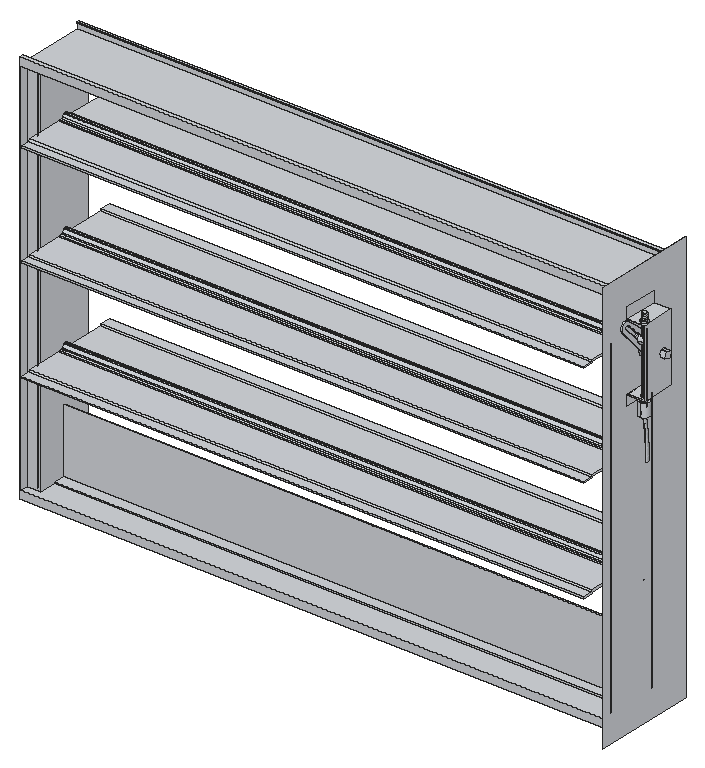
Revit family "CD-100-RC", category Mechanical Equipment, Revit 2015
Parameters
  URL = "http://unitedenertech.com/catalog/pdf/E_18%20CD-100-RC.pdf"
  Type Comments = "Max. Single Section Size is (36\"w x 24\"h)"
  Side Plate Height [instance] = Exact Height + 0' 1"  # 2' - 1"
  Model = "CD-100-RC"
  Manufacturer = "United Enertech Corporation"
  Keynote = "This model is only a representation of the product, blade position will vary from built dampers."
  Exact Width = 3' - 0"
  Exact Height = 2' - 0"
  Description = "Rectangular Twisting Cable System Damper"
  Blade Spacing = 0' - 6 1/4"
  Blade Number [instance] = rounddown((Exact Height - 0' 2 3/4") / Blade Spacing)  # 3
  BW [instance] = Exact Width - 0' 1 15/16"  # 2' - 10 1/16"
Reference planes (in)
  plane 1 "Center (Front/Back)": y = 0
  plane 2: z = 0
  plane 3 "Center (Left/Right)": x = 0
  plane 4: x = -18
  plane 5: x = 18
  plane 6: z = 24
  plane 7: z = 0.5
  plane 8: z = 23.5
  plane 9: x = -17.125
  plane 10: x = 17.125
  plane 11: z = 19.94956
  plane 12: z = 24.5
  plane 13: x = 18.0478
  plane 14: z = 20.22854
  plane 15: x = 19.49393
  plane 16: z = 22.06528
Forms (in)
  Extrusion 1, solid
    sketch origin (-10.94563, 56.53311, 0) x (0, 1, 0) y (-1, 0, 0)
      loop
        line (-56.53311, 6.97437) -> (-56.07011, 6.97437) -> (-56.07011, 6.17937) -> (-52.49611, 6.17937) -> (-52.49611, 6.97437) -> (-52.03311, 6.97437) -> (-52.03311, 7.05437) -> (-52.57611, 7.05437) -> (-52.57611, 6.46516) -> (-52.61757, 6.51649) -> (-52.6794, 6.56048) -> (-52.75426, 6.58054) -> (-52.77072, 6.48933)
        arc (-52.77072, 6.48933) -> (-52.68095, 6.36712) -> (-52.81664, 6.43482) r 0.078
        line (-52.81664, 6.43482) -> (-52.90129, 6.4267) -> (-52.87778, 6.33896) -> (-52.8428, 6.29687) -> (-52.79089, 6.25937) -> (-55.76027, 6.25937) -> (-55.71053, 6.30912) -> (-55.67609, 6.36632) -> (-55.67078, 6.44579) -> (-55.75297, 6.44579)
        arc (-55.75297, 6.44579) -> (-55.87883, 6.36035) -> (-55.80226, 6.4918) r 0.078
        line (-55.80226, 6.4918) -> (-55.81534, 6.5768) -> (-55.90864, 6.5518) -> (-55.94901, 6.51604) -> (-55.99011, 6.45116) -> (-55.99011, 7.05437) -> (-56.53311, 7.05437) -> (-56.53311, 6.97437)
    from 0.5 to 23.5
  Extrusion 2, solid
    sketch origin (10.94563, 56.53311, 0) x (0, 1, 0) y (-1, 0, 0)
      loop
        line (-56.53311, -6.97437) -> (-56.53311, -7.05437) -> (-55.99011, -7.05437) -> (-55.99011, -6.45116) -> (-55.94901, -6.51604) -> (-55.90864, -6.5518) -> (-55.81534, -6.5768) -> (-55.80226, -6.4918)
        arc (-55.80226, -6.4918) -> (-55.87883, -6.36035) -> (-55.75297, -6.44579) r 0.078
        line (-55.75297, -6.44579) -> (-55.67078, -6.44579) -> (-55.67609, -6.36632) -> (-55.71053, -6.30912) -> (-55.76027, -6.25937) -> (-52.79089, -6.25937) -> (-52.8428, -6.29687) -> (-52.87778, -6.33896) -> (-52.90129, -6.4267) -> (-52.81664, -6.43482)
        arc (-52.81664, -6.43482) -> (-52.68095, -6.36712) -> (-52.77072, -6.48933) r 0.078
        line (-52.77072, -6.48933) -> (-52.75426, -6.58054) -> (-52.6794, -6.56048) -> (-52.61757, -6.51649) -> (-52.57611, -6.46516) -> (-52.57611, -7.05437) -> (-52.03311, -7.05437) -> (-52.03311, -6.97437) -> (-52.49611, -6.97437) -> (-52.49611, -6.17937) -> (-56.07011, -6.17937) -> (-56.07011, -6.97437) -> (-56.53311, -6.97437)
    from 0.5 to 23.5
  Extrusion 3, solid
    sketch origin (-23.46325, -52.03311, -12.20737) x (0, -1, 0) y (0, 0, 1)
      loop
        line (-56.34511, 12.28737) -> (-56.45311, 12.28737) -> (-56.45311, 12.62737) -> (-52.11311, 12.62737) -> (-52.11311, 12.28737) -> (-52.22111, 12.28737) -> (-52.22111, 12.20737) -> (-52.03311, 12.20737) -> (-52.03311, 12.70737) -> (-56.53311, 12.70737) -> (-56.53311, 12.20737) -> (-56.34511, 12.20737) -> (-56.34511, 12.28737)
    from -41.46325 to -5.46325
  Extrusion 4, solid
    sketch origin (-35.31788, -52.03311, 54.20737) x (0, -1, 0) y (0, 0, -1)
      loop
        line (-56.34511, 30.29227) -> (-56.45311, 30.29227) -> (-56.45311, 30.63227) -> (-52.11311, 30.63227) -> (-52.11311, 30.29227) -> (-52.22111, 30.29227) -> (-52.22111, 30.20737) -> (-52.03311, 30.20737) -> (-52.03311, 30.71227) -> (-56.53311, 30.71227) -> (-56.53311, 30.21227) -> (-56.34511, 30.21227) -> (-56.34511, 30.29227)
    from 17.31788 to 53.31788
  Extrusion 5, solid
    sketch origin (-54.80861, -46.85261, 19.59636) x (0, -1, 0) y (0, 0, -1)
      loop
        line (-49.18361, -3.39974) -> (-49.18361, -3.89874) -> (-48.43361, -3.89874) -> (-48.43361, -3.81874) -> (-49.10261, -3.81874) -> (-49.10261, -3.39974) -> (-49.18361, -3.39974)
    from 37.68361 to 71.93361
  Extrusion 6, solid
    sketch origin (0, 7.30319, -4.76393) x (0, 1, 0) y (0, 0, 1)
      loop
        line (-5.05319, 5.26393) -> (-5.05319, 9.26393) -> (-5.13572, 9.26393) -> (-5.13572, 5.34205) -> (-5.80319, 5.34205) -> (-5.80319, 5.26393) -> (-5.05319, 5.26393)
    from -17.125 to 17.125
  Extrusion 7, solid
    sketch origin (0, 15.875, 0) x (0, 1, 0) y (0, 0, 1)
      loop
        line (-10.5, 24.5) -> (-16.75, 24.5) -> (-16.75, -0.5) -> (-10.5, -0.5) -> (-10.5, 24.5)
    from 18 to 18.0478
  Extrusion 8, solid
    sketch origin (0, 15.79116, 2.92061) x (0, 0.87462, 0.48481) y (0, -0.48481, 0.87462)
      loop
        line (-3.5705, 21.24882) -> (-3.31091, 21.50841) -> (-3.51835, 21.71586) -> (-3.58427, 21.7524) -> (-3.82917, 21.5075) -> (-3.5705, 21.24882)
    from 18 to 19.49393
Dimensions and locks (in)
  equal spacing: plane 4, plane 3 "Center (Left/Right)", plane 5
  "Exact Width": plane 4 to plane 5
  "Exact Height": plane 6 to level
  locked: plane 7 to level at 0.5
  locked: plane 6 to plane 8 at 0.5
  locked: plane 4 to plane 9 at 0.875
  locked: plane 10 to plane 5 at 0.875
  plane 8 to plane 11 = 0' - 3.55044"
  equal spacing: group 1, group 2, group 3  (x2)
  equal spacing: group 3, group 2, group 1
  "Blade Spacing": nested 1 to nested 2
  locked: plane 12 to plane 6 at 0.5
  locked: plane 5 to plane 13 at 0.0478
  "Side Plate Height": Extrusion 7 to Extrusion 7
  locked: plane 15 to plane 13 at 1.44613
  locked: plane 6 to plane 14 at 3.77146
  locked: plane 6 to plane 16 at 1.93472
  aligned and locked: level to plane 2
  aligned and locked: Extrusion 1 to plane 7
  aligned and locked: Extrusion 2 to plane 7
  aligned and locked: plane 5 to Extrusion 3
  aligned and locked: plane 4 to Extrusion 3
  aligned and locked: plane 6 to Extrusion 4
  aligned and locked: plane 5 to Extrusion 4
  aligned and locked: plane 4 to Extrusion 4
  aligned and locked: plane 8 to Extrusion 1
  aligned and locked: plane 8 to Extrusion 2
  aligned and locked: Extrusion 5 to Extrusion 4
  aligned and locked: plane 10 to Extrusion 5
  aligned and locked: Extrusion 5 to plane 9
  aligned and locked: plane 3 "Center (Left/Right)" to nested 1
  aligned and locked: plane 11 to nested 1
  aligned and locked: plane 10 to Extrusion 6
  aligned and locked: Extrusion 6 to plane 9
  aligned and locked: plane 13 to Extrusion 7
  aligned and locked: Extrusion 7 to plane 5
  aligned and locked: Extrusion 8 to plane 5
  aligned and locked: Extrusion 8 to plane 15
  aligned and locked: nested 4 to plane 13
  aligned and locked: plane 16 to nested 4
Automatic sketch dimensions
  Extrusion 3 sketch curve to level = 0' - 0"  (x2)
  Extrusion 3 sketch curve to plane 7 = 0' - 0"
  Extrusion 3 sketch curve to plane 1 "Center (Front/Back)" = 0' - 0"
  Extrusion 3 sketch curve to plane 1 "Center (Front/Back)" = 0' - 0.08"
  Extrusion 3 sketch curve to Extrusion 3 sketch curve = 0' - 0.108"  (x2)
  Extrusion 3 sketch curve to Extrusion 3 sketch curve = 0' - 4.124"
  Extrusion 3 sketch curve to plane 7 = 0' - 0.08"
  Extrusion 3 sketch curve to Extrusion 3 sketch curve = 0' - 0.08"
  level to Extrusion 3 sketch curve = 0' - 0.08"  (x2)
  Extrusion 6 sketch curve to plane 1 "Center (Front/Back)" = 0' - 2.16746"
  Extrusion 6 sketch curve to Extrusion 6 sketch curve = 0' - 0.08254"
  Extrusion 6 sketch curve to Extrusion 6 sketch curve = 0' - 0 5/64"
  Extrusion 6 sketch curve to Extrusion 6 sketch curve = 0' - 3 59/64"
  Extrusion 6 sketch curve to Extrusion 6 sketch curve = 0' - 0.66746"
  Extrusion 6 sketch curve to plane 7 = 0' - 0"
  Extrusion 4 sketch curve to plane 6 = 0' - 0"
  Extrusion 4 sketch curve to plane 1 "Center (Front/Back)" = 0' - 0"
  Extrusion 4 sketch curve to plane 1 "Center (Front/Back)" = 0' - 0.08"
  Extrusion 4 sketch curve to Extrusion 4 sketch curve = 0' - 0.108"  (x2)
  Extrusion 4 sketch curve to plane 6 = 0' - 0.0849"  (x2)
  Extrusion 4 sketch curve to Extrusion 4 sketch curve = 0' - 4.124"
  Extrusion 4 sketch curve to plane 8 = 0' - 0.0049"
  Extrusion 4 sketch curve to Extrusion 4 sketch curve = 0' - 0.08"
  Extrusion 4 sketch curve to plane 6 = 0' - 0.0049"
  plane 8 to Extrusion 4 sketch curve = 0' - 0.0751"
  Extrusion 5 sketch curve to plane 8 = 0' - 0.0049"
  Extrusion 5 sketch curve to plane 1 "Center (Front/Back)" = 0' - 2.331"
  Extrusion 5 sketch curve to Extrusion 5 sketch curve = 0' - 0.081"
  Extrusion 5 sketch curve to Extrusion 5 sketch curve = 0' - 0.669"
  Extrusion 5 sketch curve to Extrusion 5 sketch curve = 0' - 0.08"
  Extrusion 5 sketch curve to Extrusion 5 sketch curve = 0' - 0.419"
  plane 12 to Extrusion 7 sketch curve = 0' - 0"
  plane 1 "Center (Front/Back)" to Extrusion 7 sketch curve = 0' - 0 7/8"
  Extrusion 7 sketch curve to level = 0' - 0 1/2"
  Extrusion 7 sketch curve to plane 1 "Center (Front/Back)" = 0' - 5 3/8"
  plane 1 "Center (Front/Back)" to Extrusion 1 sketch curve = 0' - 0"
  Extrusion 1 sketch curve to plane 9 = 0' - 0"
  Extrusion 1 sketch curve to plane 4 = 0' - 0"  (x2)
  Extrusion 1 sketch curve to plane 4 = 0' - 0.08"  (x2)
  Extrusion 1 sketch curve to plane 1 "Center (Front/Back)" = 0' - 0.463"
  Extrusion 1 sketch curve to Extrusion 1 sketch curve = 0' - 0.08"  (x2)
  Extrusion 1 sketch curve to Extrusion 1 sketch curve = 0' - 0.0411"
  Extrusion 1 sketch curve to Extrusion 1 sketch curve = 0' - 0.04037"
  Extrusion 1 sketch curve to Extrusion 1 sketch curve = 0' - 0.08303"
  Extrusion 1 sketch curve to Extrusion 1 sketch curve = 0' - 0.0933"
  Extrusion 1 sketch curve to plane 9 = 0' - 0.31242"
  Extrusion 1 sketch curve to Extrusion 1 sketch curve = 0' - 0.02335"
  Extrusion 1 sketch curve to plane 9 = 0' - 0.08"
  Extrusion 1 sketch curve to Extrusion 1 sketch curve = 0' - 0.06534"
  Extrusion 1 sketch curve to Extrusion 1 sketch curve = 0' - 0.04929"
  Extrusion 1 sketch curve to plane 9 = 0' - 0.12974"
  Extrusion 1 sketch curve to Extrusion 1 sketch curve = 0' - 0.04974"
  Extrusion 1 sketch curve to plane 9 = 0' - 0.18694"
  Extrusion 1 sketch curve to Extrusion 1 sketch curve = 0' - 0.03444"
  Extrusion 1 sketch curve to Extrusion 1 sketch curve = 0' - 0.00531"
  Extrusion 1 sketch curve to plane 9 = 0' - 0.24733"
  Extrusion 1 sketch curve to Extrusion 1 sketch curve = 0' - 2.76949"
  Extrusion 1 sketch curve to plane 9 = 0' - 0.15959"
  Extrusion 1 sketch curve to Extrusion 1 sketch curve = 0' - 0.02351"
  Extrusion 1 sketch curve to plane 9 = 0' - 0.11749"
  Extrusion 1 sketch curve to Extrusion 1 sketch curve = 0' - 0.03498"
  Extrusion 1 sketch curve to plane 9 = 0' - 0.25544"
  Extrusion 1 sketch curve to Extrusion 1 sketch curve = 0' - 0.08465"
  Extrusion 1 sketch curve to Extrusion 1 sketch curve = 0' - 0.05191"
  Extrusion 1 sketch curve to plane 9 = 0' - 0.30996"
  Extrusion 1 sketch curve to Extrusion 1 sketch curve = 0' - 0.04592"
  Extrusion 1 sketch curve to plane 9 = 0' - 0.40116"
  Extrusion 1 sketch curve to Extrusion 1 sketch curve = 0' - 0.01646"
  Extrusion 1 sketch curve to Extrusion 1 sketch curve = 0' - 0.07602"
  Extrusion 1 sketch curve to plane 9 = 0' - 0.3811"
  Extrusion 1 sketch curve to Extrusion 1 sketch curve = 0' - 0.07486"
  Extrusion 1 sketch curve to plane 9 = 0' - 0.33712"
  Extrusion 1 sketch curve to Extrusion 1 sketch curve = 0' - 0.06183"
  Extrusion 1 sketch curve to Extrusion 1 sketch curve = 0' - 0.04146"
  Extrusion 1 sketch curve to Extrusion 1 sketch curve = 0' - 0.463"
  Extrusion 1 sketch curve to Extrusion 1 sketch curve = 0' - 0.07442"
  Extrusion 1 sketch curve to Extrusion 1 sketch curve = 0' - 0.03378"
  Extrusion 1 sketch curve to Extrusion 1 sketch curve = 0' - 0.05133"
  Extrusion 1 sketch curve to Extrusion 1 sketch curve = 0' - 0.06488"
  Extrusion 1 sketch curve to Extrusion 1 sketch curve = 0' - 0.03576"
  Extrusion 1 sketch curve to Extrusion 1 sketch curve = 0' - 0.085"
  plane 1 "Center (Front/Back)" to Extrusion 2 sketch curve = 0' - 0"
  Extrusion 2 sketch curve to plane 10 = 0' - 0"
  Extrusion 2 sketch curve to plane 5 = 0' - 0"  (x2)
  plane 5 to Extrusion 2 sketch curve = 0' - 0.08"  (x2)
  Extrusion 2 sketch curve to Extrusion 2 sketch curve = 0' - 0.463"  (x2)
  Extrusion 2 sketch curve to Extrusion 2 sketch curve = 0' - 0.08"  (x2)
  Extrusion 2 sketch curve to Extrusion 2 sketch curve = 0' - 0.0411"
  Extrusion 2 sketch curve to Extrusion 2 sketch curve = 0' - 0.04037"
  Extrusion 2 sketch curve to Extrusion 2 sketch curve = 0' - 0.08303"
  Extrusion 2 sketch curve to Extrusion 2 sketch curve = 0' - 0.0933"
  Extrusion 2 sketch curve to plane 10 = 0' - 0.31242"
  Extrusion 2 sketch curve to Extrusion 2 sketch curve = 0' - 0.02335"
  Extrusion 2 sketch curve to plane 10 = 0' - 0.08"
  Extrusion 2 sketch curve to Extrusion 2 sketch curve = 0' - 0.06534"
  Extrusion 2 sketch curve to Extrusion 2 sketch curve = 0' - 0.04929"
  Extrusion 2 sketch curve to plane 10 = 0' - 0.12974"
  Extrusion 2 sketch curve to Extrusion 2 sketch curve = 0' - 0.04974"
  Extrusion 2 sketch curve to plane 10 = 0' - 0.18694"
  Extrusion 2 sketch curve to Extrusion 2 sketch curve = 0' - 0.03444"
  Extrusion 2 sketch curve to Extrusion 2 sketch curve = 0' - 0.00531"
  Extrusion 2 sketch curve to plane 10 = 0' - 0.24733"
  Extrusion 2 sketch curve to Extrusion 2 sketch curve = 0' - 2.76949"
  Extrusion 2 sketch curve to plane 10 = 0' - 0.15959"
  Extrusion 2 sketch curve to Extrusion 2 sketch curve = 0' - 0.02351"
  Extrusion 2 sketch curve to plane 10 = 0' - 0.11749"
  Extrusion 2 sketch curve to Extrusion 2 sketch curve = 0' - 0.03498"
  Extrusion 2 sketch curve to plane 10 = 0' - 0.25544"
  Extrusion 2 sketch curve to Extrusion 2 sketch curve = 0' - 0.08465"
  Extrusion 2 sketch curve to Extrusion 2 sketch curve = 0' - 0.05191"
  Extrusion 2 sketch curve to plane 10 = 0' - 0.30996"
  Extrusion 2 sketch curve to Extrusion 2 sketch curve = 0' - 0.04592"
  Extrusion 2 sketch curve to plane 10 = 0' - 0.40116"
  Extrusion 2 sketch curve to Extrusion 2 sketch curve = 0' - 0.01646"
  Extrusion 2 sketch curve to Extrusion 2 sketch curve = 0' - 0.07602"
  Extrusion 2 sketch curve to plane 10 = 0' - 0.3811"
  Extrusion 2 sketch curve to Extrusion 2 sketch curve = 0' - 0.07486"
  Extrusion 2 sketch curve to plane 10 = 0' - 0.33712"
  Extrusion 2 sketch curve to Extrusion 2 sketch curve = 0' - 0.06183"
  Extrusion 2 sketch curve to Extrusion 2 sketch curve = 0' - 0.04146"
  Extrusion 2 sketch curve to Extrusion 2 sketch curve = 0' - 0.07442"
  Extrusion 2 sketch curve to Extrusion 2 sketch curve = 0' - 0.03378"
  Extrusion 2 sketch curve to Extrusion 2 sketch curve = 0' - 0.05133"
  Extrusion 2 sketch curve to Extrusion 2 sketch curve = 0' - 0.06488"
  Extrusion 2 sketch curve to Extrusion 2 sketch curve = 0' - 0.03576"
  Extrusion 2 sketch curve to Extrusion 2 sketch curve = 0' - 0.085"
  Extrusion 8 sketch curve to plane 11 = 0' - 0.07448"
  Extrusion 8 sketch curve to plane 1 "Center (Front/Back)" = 0' - 2.01505"
  Extrusion 8 sketch curve to Extrusion 8 sketch curve = 0' - 0.25868"
  Extrusion 8 sketch curve to Extrusion 8 sketch curve = 0' - 0.31082"
  Extrusion 8 sketch curve to Extrusion 8 sketch curve = 0' - 0.06592"
  Extrusion 8 sketch curve to Extrusion 8 sketch curve = 0' - 0.03654"
  Extrusion 8 sketch curve to Extrusion 8 sketch curve = 0' - 0.20744"
Nested families (in)
  nested 1: "CDBLADE" at (0, -2.64852, 14.0043), type "CDBLADE"
    with Blade Width 2' - 10 1/16"
  nested 2: "CDBLADE" at (0, -2.64852, 7.7543), type "CDBLADE"
    with Blade Width 2' - 10 1/16"
  nested 3: "CDBLADE" at (0, -2.64852, 1.5043), type "CDBLADE"
    with Blade Width 2' - 10 1/16"
  nested 4: "Twisting Cable Remote Controller" at (16.5956, -0.36624, 16.19028) x (0, 1, 0) z (0, 0, 1), type "Twisting Cable Remote Controller"
Definition of nested family "CDBLADE"
  Parameters (values of type "CDBLADE")
    Blade Width = 2' - 0"
  Reference planes (in)
    plane 1 "Center (Front/Back)": y = 0
    plane 2: z = 0
    plane 3 "Center (Left/Right)": x = 0
    plane 4: x = -12
    plane 5: x = 12
    plane 6: x = 13
    plane 7: x = 10
    plane 8: x = -10
    plane 9: x = -13
  Forms (in)
    Extrusion 1, solid
      sketch origin (-4.01787, 39.3726, 0.84574) x (0, 1, 0) y (0, 0, 1)
        loop
          line (-34.73332, 5.15315) -> (-34.47458, 4.89351) -> (-34.21494, 5.15234) -> (-34.47408, 5.41148) -> (-34.73332, 5.15315)
      from 14.01787 to 17.01787
    Extrusion 2, solid
      sketch origin (-4.01787, -27.59093, -0.63909) x (0, -1, 0) y (0, 0, -1)
        loop
          line (-35.80383, -6.69185) -> (-35.80383, -6.77356) -> (-35.19434, -6.77356) -> (-35.13423, -6.68767) -> (-32.97747, -6.69982) -> (-32.83541, -6.72864) -> (-32.73109, -6.79397) -> (-32.56192, -6.96162) -> (-32.49539, -6.99587) -> (-32.43982, -6.98181) -> (-32.38723, -6.93174) -> (-32.25542, -6.79981) -> (-32.17789, -6.744) -> (-32.09104, -6.71015) -> (-31.98943, -6.69867) -> (-29.80199, -6.67883) -> (-29.73737, -6.58434) -> (-29.17594, -6.58434) -> (-29.17594, -6.49977) -> (-29.78569, -6.49977) -> (-29.84356, -6.5857) -> (-32.02043, -6.57341) -> (-32.24214, -6.52605) -> (-32.26394, -6.60365) -> (-32.23071, -6.63677) -> (-32.48945, -6.89631) -> (-32.74909, -6.63757) -> (-32.49035, -6.37794) -> (-32.41459, -6.45346) -> (-32.34512, -6.38399) -> (-32.42473, -6.30635) -> (-32.5126, -6.28231) -> (-32.57292, -6.32333) -> (-32.71384, -6.46424) -> (-32.7897, -6.52327) -> (-32.8836, -6.56221) -> (-32.98369, -6.5746) -> (-35.17817, -6.59456) -> (-35.24451, -6.69185) -> (-35.80383, -6.69185)
      from -7.98213 to 16.01787
    Extrusion 3, solid
      sketch origin (-13.76787, -29.57556, 0.84574) x (0, -1, 0) y (0, 0, -1)
        loop
          line (-34.73332, -5.15315) -> (-34.47408, -5.41148) -> (-34.21494, -5.15234) -> (-34.47458, -4.89351) -> (-34.73332, -5.15315)
      from 0.76787 to 3.76787
  Dimensions and locks (in)
    equal spacing: plane 4, plane 3 "Center (Left/Right)", plane 5
    "Blade Width": plane 4 to plane 5
    locked: plane 9 to plane 4 at 1
    locked: plane 4 to plane 8 at 2
    locked: plane 7 to plane 5 at 2
    locked: plane 5 to plane 6 at 1
    aligned and locked: level to plane 2
    aligned and locked: Extrusion 1 to plane 6
    aligned and locked: plane 7 to Extrusion 1
    aligned and locked: plane 9 to Extrusion 3
    aligned and locked: Extrusion 3 to plane 8
    aligned and locked: plane 5 to Extrusion 2
    aligned and locked: plane 4 to Extrusion 2
  Automatic sketch dimensions
    Extrusion 1 sketch curve to plane 1 "Center (Front/Back)" = 0' - 4.63929"
    Extrusion 1 sketch curve to Extrusion 1 sketch curve = 0' - 0.25873"
    Extrusion 1 sketch curve to Extrusion 1 sketch curve = 0' - 0.25923"
    Extrusion 1 sketch curve to Extrusion 1 sketch curve = 0' - 0.25914"
    level to Extrusion 1 sketch curve = 0' - 5.73925"
    Extrusion 1 sketch curve to Extrusion 1 sketch curve = 0' - 0.25883"
    Extrusion 1 sketch curve to Extrusion 1 sketch curve = 0' - 0.25964"
    Extrusion 2 sketch curve to plane 1 "Center (Front/Back)" = 0' - 8.2129"
    Extrusion 2 sketch curve to Extrusion 2 sketch curve = 0' - 0.55932"
    Extrusion 2 sketch curve to Extrusion 2 sketch curve = 0' - 0.05017"
    Extrusion 2 sketch curve to Extrusion 2 sketch curve = 0' - 0.06634"
    Extrusion 2 sketch curve to Extrusion 2 sketch curve = 0' - 0.04394"
    Extrusion 2 sketch curve to Extrusion 2 sketch curve = 0' - 2.15054"
    Extrusion 2 sketch curve to Extrusion 2 sketch curve = 0' - 0.00621"
    Extrusion 2 sketch curve to Extrusion 2 sketch curve = 0' - 0.10009"
    Extrusion 2 sketch curve to Extrusion 2 sketch curve = 0' - 0.14206"
    Extrusion 2 sketch curve to Extrusion 2 sketch curve = 0' - 0.0939"
    Extrusion 2 sketch curve to Extrusion 2 sketch curve = 0' - 0.04061"
    Extrusion 2 sketch curve to Extrusion 2 sketch curve = 0' - 0.10431"
    Extrusion 2 sketch curve to Extrusion 2 sketch curve = 0' - 0.07586"
    Extrusion 2 sketch curve to Extrusion 2 sketch curve = 0' - 0.14092"
    Extrusion 2 sketch curve to Extrusion 2 sketch curve = 0' - 0.16917"
    Extrusion 2 sketch curve to Extrusion 2 sketch curve = 0' - 0.06032"
    Extrusion 2 sketch curve to Extrusion 2 sketch curve = 0' - 0.06653"
    Extrusion 2 sketch curve to Extrusion 2 sketch curve = 0' - 0.02225"
    Extrusion 2 sketch curve to Extrusion 2 sketch curve = 0' - 0.07248"
    Extrusion 2 sketch curve to Extrusion 2 sketch curve = 0' - 0.05557"
    Extrusion 2 sketch curve to Extrusion 2 sketch curve = 0' - 0.08788"
    Extrusion 2 sketch curve to Extrusion 2 sketch curve = 0' - 0.07576"
    Extrusion 2 sketch curve to Extrusion 2 sketch curve = 0' - 0.0526"
    Extrusion 2 sketch curve to Extrusion 2 sketch curve = 0' - 0.06947"  (x2)
    Extrusion 2 sketch curve to Extrusion 2 sketch curve = 0' - 0.15066"
    Extrusion 2 sketch curve to Extrusion 2 sketch curve = 0' - 0.1318"
    Extrusion 2 sketch curve to Extrusion 2 sketch curve = 0' - 0.0218"
    Extrusion 2 sketch curve to Extrusion 2 sketch curve = 0' - 0.03322"
    Extrusion 2 sketch curve to Extrusion 2 sketch curve = 0' - 0.07753"
    Extrusion 2 sketch curve to Extrusion 2 sketch curve = 0' - 0.08685"
    Extrusion 2 sketch curve to Extrusion 2 sketch curve = 0' - 0.0706"
    Extrusion 2 sketch curve to Extrusion 2 sketch curve = 0' - 0.1016"
    Extrusion 2 sketch curve to Extrusion 2 sketch curve = 0' - 2.14587"
    Extrusion 2 sketch curve to Extrusion 2 sketch curve = 0' - 0.04157"
    Extrusion 2 sketch curve to Extrusion 2 sketch curve = 0' - 0.05787"
    Extrusion 2 sketch curve to Extrusion 2 sketch curve = 0' - 0.04833"
    Extrusion 2 sketch curve to Extrusion 2 sketch curve = 0' - 0.56142"
    level to Extrusion 2 sketch curve = 0' - 6.35678"
    Extrusion 2 sketch curve to Extrusion 2 sketch curve = 0' - 0.01406"
    Extrusion 2 sketch curve to Extrusion 2 sketch curve = 0' - 0.03425"
    Extrusion 2 sketch curve to Extrusion 2 sketch curve = 0' - 0.05007"
    Extrusion 2 sketch curve to Extrusion 2 sketch curve = 0' - 0.06531"
    Extrusion 2 sketch curve to Extrusion 2 sketch curve = 0' - 0.13193"
    Extrusion 2 sketch curve to Extrusion 2 sketch curve = 0' - 0.16765"
    Extrusion 2 sketch curve to Extrusion 2 sketch curve = 0' - 0.02041"
    Extrusion 2 sketch curve to Extrusion 2 sketch curve = 0' - 0.05581"
    Extrusion 2 sketch curve to Extrusion 2 sketch curve = 0' - 0.06533"
    Extrusion 2 sketch curve to Extrusion 2 sketch curve = 0' - 0.03385"
    Extrusion 2 sketch curve to Extrusion 2 sketch curve = 0' - 0.02882"
    Extrusion 2 sketch curve to Extrusion 2 sketch curve = 0' - 0.01149"
    Extrusion 2 sketch curve to Extrusion 2 sketch curve = 0' - 0.08171"
    Extrusion 2 sketch curve to Extrusion 2 sketch curve = 0' - 0.08589"
    Extrusion 2 sketch curve to Extrusion 2 sketch curve = 0' - 0.01983"
    Extrusion 2 sketch curve to Extrusion 2 sketch curve = 0' - 0.09106"
    Extrusion 2 sketch curve to Extrusion 2 sketch curve = 0' - 0.10723"
    Extrusion 2 sketch curve to Extrusion 2 sketch curve = 0' - 0.03312"
    Extrusion 2 sketch curve to Extrusion 2 sketch curve = 0' - 0.09311"
    Extrusion 2 sketch curve to Extrusion 2 sketch curve = 0' - 0.09314"
    Extrusion 2 sketch curve to Extrusion 2 sketch curve = 0' - 0.09449"
    Extrusion 2 sketch curve to Extrusion 2 sketch curve = 0' - 0.12522"
    Extrusion 2 sketch curve to Extrusion 2 sketch curve = 0' - 0.12526"
    Extrusion 2 sketch curve to Extrusion 2 sketch curve = 0' - 0.01239"
    Extrusion 2 sketch curve to Extrusion 2 sketch curve = 0' - 0.0776"
    Extrusion 2 sketch curve to Extrusion 2 sketch curve = 0' - 0.03894"
    Extrusion 2 sketch curve to Extrusion 2 sketch curve = 0' - 0.08457"
    Extrusion 2 sketch curve to Extrusion 2 sketch curve = 0' - 0.05902"
    Extrusion 2 sketch curve to Extrusion 2 sketch curve = 0' - 0.07552"
    Extrusion 2 sketch curve to Extrusion 2 sketch curve = 0' - 0.05461"
    Extrusion 2 sketch curve to Extrusion 2 sketch curve = 0' - 0.07159"
    Extrusion 2 sketch curve to Extrusion 2 sketch curve = 0' - 0.04101"
    Extrusion 3 sketch curve to plane 1 "Center (Front/Back)" = 0' - 5.15775"
    Extrusion 3 sketch curve to Extrusion 3 sketch curve = 0' - 0.25873"
    Extrusion 3 sketch curve to Extrusion 3 sketch curve = 0' - 0.25923"
    Extrusion 3 sketch curve to Extrusion 3 sketch curve = 0' - 0.25914"  (x2)
    level to Extrusion 3 sketch curve = 0' - 6.25722"
    Extrusion 3 sketch curve to Extrusion 3 sketch curve = 0' - 0.25833"
Definition of nested family "Twisting Cable Remote Controller"
  Reference planes (in)
    plane 1 "Center (Front/Back)": y = 0
    plane 2: z = 0
    plane 3 "Center (Left/Right)": x = 0
  Forms (in)
    Extrusion 1, solid
      sketch origin (3.25, 0.77753, -2.67197) x (0, 0, 1) y (0, 1, 0)
        loop
          line (9.17197, -2.27753) -> (9.17197, -2.22973) -> (8.5001, -2.22973) -> (8.5001, -3.27085) -> (4.46885, -3.27085) -> (4.46885, -2.22973) -> (3.79697, -2.22973) -> (3.79697, -2.27753) -> (4.42197, -2.27753) -> (4.42197, -3.31773) -> (8.54697, -3.31773) -> (8.54697, -2.27753) -> (9.17197, -2.27753)
      from 0 to 2
    Extrusion 2, void
      sketch origin (0, 0, 0) x (1, 0, 0) y (0, 0, 1)
        loop
          circle (2.625, 3.8125) r 0.25
      from 2.2129 to 2.75
    Extrusion 3, solid
      sketch origin (1.0963, -0.06691, 0) x (1, 0, 0) y (0, 1, 0)
        loop
          circle (0.50222, -2.19637) r 0.12619
      from 1.22543 to 6.33488
    Extrusion 4, solid
      sketch origin (1.0963, -0.06691, 0) x (1, 0, 0) y (0, 1, 0)
        loop
          circle (0.50222, -2.19637) r 0.14302
      from 6.24722 to 6.29118
    Extrusion 5, solid
      sketch origin (3.12492, -2.07462, 1.54466) x (1, 0, 0) y (0, 0, 1)
        loop
          circle (-1.52717, 3.29503) r 0.25
      from -0.02967 to 0.39863
    Extrusion 6, void
      sketch origin (3.12492, -0.06725, 1.54466) x (1, 0, 0) y (0, 1, 0)
        loop
          circle (-1.52717, -2.19637) r 0.15291
      from 3.01275 to 3.62791
    Extrusion 7, solid
      sketch origin (3.12492, -2.07462, 1.54466) x (1, 0, 0) y (0, 0, 1)
        loop
          circle (-1.52717, 3.29503) r 0.125
      from -0.02967 to -0.16901
    Extrusion 8, solid
      sketch origin (1.0963, -0.06691, -0.11555) x (1, 0, 0) y (0, 1, 0)
        loop
          circle (0.50222, -2.19637) r 0.14302
      from 6.24722 to 6.29118
    Extrusion 9, solid
      sketch origin (1.0963, -0.06691, -0.2311) x (1, 0, 0) y (0, 1, 0)
        loop
          circle (0.50222, -2.19637) r 0.14302
      from 6.24722 to 6.29118
    Extrusion 10, solid
      sketch origin (1.0963, -0.06691, -0.34666) x (1, 0, 0) y (0, 1, 0)
        loop
          circle (0.50222, -2.19637) r 0.14302
      from 6.24722 to 6.29118
    Extrusion 11, solid
      sketch origin (1.0963, -0.06691, -0.46221) x (1, 0, 0) y (0, 1, 0)
        loop
          circle (0.50222, -2.19637) r 0.14302
      from 6.24722 to 6.29118
    Extrusion 12, solid
      sketch origin (1.0963, -0.06691, -0.57776) x (1, 0, 0) y (0, 1, 0)
        loop
          circle (0.50222, -2.19637) r 0.14302
      from 6.24722 to 6.29118
    Extrusion 13, solid
      sketch origin (1.0963, -0.06691, -0.69331) x (1, 0, 0) y (0, 1, 0)
        loop
          circle (0.50222, -2.19637) r 0.14302
      from 6.24722 to 6.29118
    Extrusion 14, solid
      sketch origin (1.0963, -0.06691, -0.80887) x (1, 0, 0) y (0, 1, 0)
        loop
          circle (0.50222, -2.19637) r 0.14302
      from 6.24722 to 6.29118
    Extrusion 15, solid
      sketch origin (1.0963, -0.06691, -0.92442) x (1, 0, 0) y (0, 1, 0)
        loop
          circle (0.50222, -2.19637) r 0.14302
      from 6.24722 to 6.29118
    Extrusion 16, solid
      sketch origin (1.0963, -0.06691, -1.03997) x (1, 0, 0) y (0, 1, 0)
        loop
          circle (0.50222, -2.19637) r 0.14302
      from 6.24722 to 6.29118
    Extrusion 17, solid
      sketch origin (1.0963, -0.06691, -1.15552) x (1, 0, 0) y (0, 1, 0)
        loop
          circle (0.50222, -2.19637) r 0.14302
      from 6.24722 to 6.29118
    Extrusion 18, solid
      sketch origin (1.0963, -0.06691, -1.27108) x (1, 0, 0) y (0, 1, 0)
        loop
          circle (0.50222, -2.19637) r 0.14302
      from 6.24722 to 6.29118
    Extrusion 19, solid
      sketch origin (1.0963, -0.06691, -1.38663) x (1, 0, 0) y (0, 1, 0)
        loop
          circle (0.50222, -2.19637) r 0.14302
      from 6.24722 to 6.29118
    Extrusion 20, solid
      sketch origin (1.0963, -0.06691, -1.50218) x (1, 0, 0) y (0, 1, 0)
        loop
          circle (0.50222, -2.19637) r 0.14302
      from 6.24722 to 6.29118
    Extrusion 21, solid
      sketch origin (1.0963, -0.06691, -1.61773) x (1, 0, 0) y (0, 1, 0)
        loop
          circle (0.50222, -2.19637) r 0.14302
      from 6.24722 to 6.29118
    Extrusion 22, solid
      sketch origin (1.0963, -0.06691, -1.73329) x (1, 0, 0) y (0, 1, 0)
        loop
          circle (0.50222, -2.19637) r 0.14302
      from 6.24722 to 6.29118
    Extrusion 23, solid
      sketch origin (1.0963, -0.06691, -1.84884) x (1, 0, 0) y (0, 1, 0)
        loop
          circle (0.50222, -2.19637) r 0.14302
      from 6.24722 to 6.29118
    Extrusion 24, solid
      sketch origin (1.0963, -0.06691, -1.96439) x (1, 0, 0) y (0, 1, 0)
        loop
          circle (0.50222, -2.19637) r 0.14302
      from 6.24722 to 6.29118
    Extrusion 25, solid
      sketch origin (1.0963, -0.06691, -2.07994) x (1, 0, 0) y (0, 1, 0)
        loop
          circle (0.50222, -2.19637) r 0.14302
      from 6.24722 to 6.29118
    Extrusion 26, solid
      sketch origin (1.0963, -0.06691, -2.1955) x (1, 0, 0) y (0, 1, 0)
        loop
          circle (0.50222, -2.19637) r 0.14302
      from 6.24722 to 6.29118
    Extrusion 27, solid
      sketch origin (1.0963, -0.06691, -2.31105) x (1, 0, 0) y (0, 1, 0)
        loop
          circle (0.50222, -2.19637) r 0.14302
      from 6.24722 to 6.29118
    Extrusion 28, solid
      sketch origin (1.0963, -0.06691, -2.4266) x (1, 0, 0) y (0, 1, 0)
        loop
          circle (0.50222, -2.19637) r 0.14302
      from 6.24722 to 6.29118
    Extrusion 29, solid
      sketch origin (1.0963, -0.06691, -2.54215) x (1, 0, 0) y (0, 1, 0)
        loop
          circle (0.50222, -2.19637) r 0.14302
      from 6.24722 to 6.29118
    Extrusion 30, solid
      sketch origin (1.0963, -0.06691, -2.65771) x (1, 0, 0) y (0, 1, 0)
        loop
          circle (0.50222, -2.19637) r 0.14302
      from 6.24722 to 6.29118
    Extrusion 31, solid
      sketch origin (1.0963, -0.06691, -2.77326) x (1, 0, 0) y (0, 1, 0)
        loop
          circle (0.50222, -2.19637) r 0.14302
      from 6.24722 to 6.29118
    Extrusion 32, solid
      sketch origin (1.0963, -0.06691, -2.88881) x (1, 0, 0) y (0, 1, 0)
        loop
          circle (0.50222, -2.19637) r 0.14302
      from 6.24722 to 6.29118
    Extrusion 33, solid
      sketch origin (1.0963, -0.06691, -3.00436) x (1, 0, 0) y (0, 1, 0)
        loop
          circle (0.50222, -2.19637) r 0.14302
      from 6.24722 to 6.29118
    Extrusion 34, solid
      sketch origin (1.0963, -0.06691, -3.11992) x (1, 0, 0) y (0, 1, 0)
        loop
          circle (0.50222, -2.19637) r 0.14302
      from 6.24722 to 6.29118
    Extrusion 35, solid
      sketch origin (1.0963, -0.06691, -3.23547) x (1, 0, 0) y (0, 1, 0)
        loop
          circle (0.50222, -2.19637) r 0.14302
      from 6.24722 to 6.29118
    Extrusion 36, solid
      sketch origin (1.0963, -0.06691, -3.35102) x (1, 0, 0) y (0, 1, 0)
        loop
          circle (0.50222, -2.19637) r 0.14302
      from 6.24722 to 6.29118
    Extrusion 37, solid
      sketch origin (1.0963, -0.06691, -3.46657) x (1, 0, 0) y (0, 1, 0)
        loop
          circle (0.50222, -2.19637) r 0.14302
      from 6.24722 to 6.29118
    Extrusion 38, solid
      sketch origin (1.0963, -0.06691, -3.58213) x (1, 0, 0) y (0, 1, 0)
        loop
          circle (0.50222, -2.19637) r 0.14302
      from 6.24722 to 6.29118
    Extrusion 39, solid
      sketch origin (1.0963, -0.06691, -3.69768) x (1, 0, 0) y (0, 1, 0)
        loop
          circle (0.50222, -2.19637) r 0.14302
      from 6.24722 to 6.29118
    Extrusion 40, solid
      sketch origin (1.0963, -0.06691, -3.81323) x (1, 0, 0) y (0, 1, 0)
        loop
          circle (0.50222, -2.19637) r 0.14302
      from 6.24722 to 6.29118
    Extrusion 41, solid
      sketch origin (1.0963, -0.06691, -3.92878) x (1, 0, 0) y (0, 1, 0)
        loop
          circle (0.50222, -2.19637) r 0.14302
      from 6.24722 to 6.29118
    Extrusion 42, solid
      sketch origin (1.0963, -0.06691, -4.04434) x (1, 0, 0) y (0, 1, 0)
        loop
          circle (0.50222, -2.19637) r 0.14302
      from 6.24722 to 6.29118
    Extrusion 43, solid
      sketch origin (1.0963, -0.06691, -4.15989) x (1, 0, 0) y (0, 1, 0)
        loop
          circle (0.50222, -2.19637) r 0.14302
      from 6.24722 to 6.29118
    Extrusion 44, solid
      sketch origin (1.0963, -0.06691, -4.27544) x (1, 0, 0) y (0, 1, 0)
        loop
          circle (0.50222, -2.19637) r 0.14302
      from 6.24722 to 6.29118
    Extrusion 45, solid
      sketch origin (1.0963, -0.06691, -4.39099) x (1, 0, 0) y (0, 1, 0)
        loop
          circle (0.50222, -2.19637) r 0.14302
      from 6.24722 to 6.29118
    Extrusion 46, solid
      sketch origin (1.0963, -0.06691, -4.50655) x (1, 0, 0) y (0, 1, 0)
        loop
          circle (0.50222, -2.19637) r 0.14302
      from 6.24722 to 6.29118
    Extrusion 47, solid
      sketch origin (1.0963, -0.06691, -4.6221) x (1, 0, 0) y (0, 1, 0)
        loop
          circle (0.50222, -2.19637) r 0.14302
      from 6.24722 to 6.29118
    Extrusion 48, solid
      sketch origin (1.0963, -0.06691, -4.73765) x (1, 0, 0) y (0, 1, 0)
        loop
          circle (0.50222, -2.19637) r 0.14302
      from 6.24722 to 6.29118
    Extrusion 49, solid
      sketch origin (1.0963, -0.06691, -4.8532) x (1, 0, 0) y (0, 1, 0)
        loop
          circle (0.50222, -2.19637) r 0.14302
      from 6.24722 to 6.29118
    Extrusion 50, solid
      sketch origin (1.0963, -0.06691, -4.96876) x (1, 0, 0) y (0, 1, 0)
        loop
          circle (0.50222, -2.19637) r 0.14302
      from 6.24722 to 6.29118
    Extrusion 51, solid
      sketch origin (-7.79124, -1.93477, 1.74952) x (1, 0, 0) y (0, 0, 1)
        loop
          arc (8.53426, 4.37104) -> (8.11019, 4.3531) -> (8.09518, 3.9289) r 0.3125
          line (8.09518, 3.9289) -> (8.97874, 2.93161) -> (10.03746, 1.7366)
          arc (10.03746, 1.7366) -> (10.77101, 1.71066) -> (10.73998, 2.44402) r 0.5
          line (10.73998, 2.44402) -> (8.97874, 3.98273) -> (8.53426, 4.37104)
        loop
          arc (8.42707, 4.22161) -> (8.24323, 4.22098) -> (8.24386, 4.03713) r 0.13
          line (8.24386, 4.03713) -> (8.97874, 3.30733) -> (9.74457, 2.54679)
          arc (9.74457, 2.54679) -> (9.92842, 2.54743) -> (9.92778, 2.73128) r 0.13
          line (9.92778, 2.73128) -> (8.97874, 3.67376) -> (8.42707, 4.22161)
        loop
          circle (10.41624, 2.06298) r 0.3125
      from 0 to 0.09
    Extrusion 52, solid
      sketch origin (-9.87435, -1.43477, 1.74952) x (1, 0, 0) y (0, 0, 1)
        loop
          circle (12.49935, 2.06298) r 0.5
        loop
          circle (12.49935, 2.06298) r 0.25
      from 0.01743 to 0.5
    Extrusion 53, solid
      sketch origin (0, -1.78061, 0) x (1, 0, 0) y (0, 0, 1)
        loop
          line (1.41102, 4.72603) -> (1.59852, 4.61778) -> (1.78602, 4.72603) -> (1.78602, 4.94254) -> (1.59852, 5.05079) -> (1.41102, 4.94254) -> (1.41102, 4.72603)
      from 0 to 0.125
    Extrusion 54, void
      sketch origin (0, 0, 0) x (1, 0, 0) y (0, 1, 0)
        loop
          circle (1.59852, -2.26327) r 0.15208
      from 1.66908 to 6.5
    Extrusion 55, solid
      sketch origin (-2.75, 0, 1.71025) x (1, 0, 0) y (0, 1, 0)
        loop
          circle (4.34852, -2.26327) r 0.19908
      from 0 to 0.03975
    Extrusion 56, solid
      sketch origin (-2.75, 0, 1.75) x (1, 0, 0) y (0, 1, 0)
        loop
          circle (4.34852, -2.26327) r 0.15591
      from 0 to 0.075
    Extrusion 57, void
      sketch origin (-2.75, 0, 0) x (1, 0, 0) y (0, 1, 0)
        loop
          circle (4.34852, -2.26327) r 0.12619
      from 1.68939 to 1.83522
    Extrusion 58, solid
      sketch origin (-2.75, 0, 5.875) x (0, -1, 0) y (1, 0, 0)
        loop
          circle (2.26327, 4.34852) r 0.19908
      from 0 to 0.03975
    Extrusion 59, solid
      sketch origin (-2.75, 0, 5.8) x (0, -1, 0) y (1, 0, 0)
        loop
          circle (2.26327, 4.34852) r 0.15591
      from 0 to 0.075
    Extrusion 60, solid
      sketch origin (0, 0, 0.7875) x (1, 0, 0) y (0, 1, 0)
        loop
          circle (1.59852, -2.26327) r 0.15591
        loop
          circle (1.59852, -2.26327) r 0.30572
      from 0 to 0.75
    Sweep 61, solid
      path in 3D
        loop
          spline (1.58593, -2.25, 0.98408) -> (1.59501, -2.25, 0.77809) -> (1.6201, -2.25, 0.61024) -> (1.65216, -2.25, 0.44412) -> (1.6863, -2.25, 0.26253) -> (1.72006, -2.25, 0.05959) -> (1.751, -2.25, -0.17045) -> (1.77669, -2.25, -0.43331) -> (1.79493, -2.25, -0.73277) -> (1.80601, -2.25, -1.05184) -> (1.8117, -2.25, -1.36104) -> (1.81379, -2.25, -1.63069) -> (1.81409, -2.25, -1.83114)
      profile origin (1.751, -2.25, -0.17045) x (0.993227, 0, 0.116194) y (0, -1, 0)
        loop
          circle (0, 0) r 0.06993
    Extrusion 62, solid
      sketch origin (0, 0, 0) x (1, 0, 0) y (0, 1, 0)
        loop
          circle (1.59852, -2.26327) r 0.15591
      from 0.90927 to 0.7875
  Cuts and joins
    Extrusion 2, Extrusion 54 cuts Extrusion 1
    joined: Extrusion 3, Extrusion 4
    Extrusion 6 cuts Extrusion 5
    Extrusion 57 cuts Extrusion 55
    Extrusion 57 cuts Extrusion 56
  Lines and regions (in)
    sketch lines
      curve 1: spline (1.58593, -2.25, 0.98408) -> (1.59501, -2.25, 0.77809) -> (1.6201, -2.25, 0.61024) -> (1.65216, -2.25, 0.44412) -> (1.6863, -2.25, 0.26253) -> (1.72006, -2.25, 0.05959) -> (1.751, -2.25, -0.17045) -> (1.77669, -2.25, -0.43331) -> (1.79493, -2.25, -0.73277) -> (1.80601, -2.25, -1.05184) -> (1.8117, -2.25, -1.36104) -> (1.81379, -2.25, -1.63069) -> (1.81409, -2.25, -1.83114)
  Dimensions and locks (in)
    aligned and locked: level to plane 2
